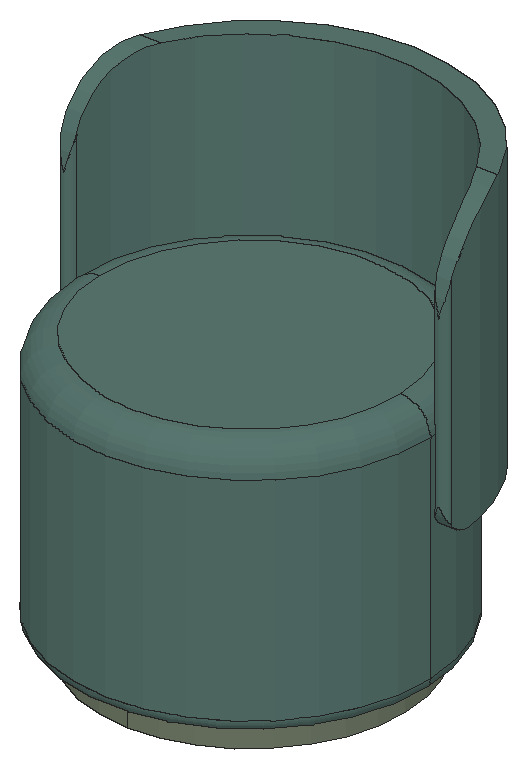
Revit family "FU_Chair_Sandler_Tablet 6-1", category Furniture, Revit 2020
Family settings
  OmniClass Number = 23.21.23.15.17
  Work Plane-Based = Yes
  Always vertical = No
  Cut with Voids When Loaded = No
  Shared = No
  Room Calculation Point = No
Parameters (values of type "TABLET 6.1")
  Youtube clip = ""
  Width = 640.000 mm
  Uniformat II Description = "Movable Furnishings"
  Uniformat II Code = ""
  Uniclass 2015 Name = ""
  Uniclass 2015 Code = ""
  Uniclass 2.0 Description = ""
  Uniclass 2.0 Code = ""
  Uniclass 1.4 Description = ""
  Uniclass 1.4 Code = ""
  UNSPSC Code = ""
  Technical description = ""
  Shell Material [instance] = Fabric - X2 - Ratio AK001
  Region South America = "All"
  Region Oceania = "All"
  Region North America = "All"
  Region Middle East = "All"
  Region Europe = "All"
  Region Asia = "All"
  Region Antarctica = "All"
  Region Africa = "All"
  QR code = "https://www.sandlerseating.com/product/tablet-6-3/"
  Product url = "https://www.sandlerseating.com/product/tablet-6-1/"
  Product name = "TABLET 6.3"
  Product group = "Chair"
  Product family = "Furniture"
  Product data url = "https://www.sandlerseating.com/product/tablet-6-1/"
  Product certification = ""
  Product SKU = "??"
  Product Guid = "??"
  OmniClass Description = ""
  OmniClass Code = "23-21 23 15 17"
  NBS Reference Description = ""
  NBS Reference Code = ""
  Model = "TABLET 6.1"
  Masterformat 2014 Description = "Chair Mats"
  Masterformat 2014 Code = "12 48 43.13"
  Manufacturer name = "Sandler"
  Manufacturer country = "USA"
  Manufacturer = "Sandler"
  Installation instructions = ""
  IFC Classification = "Furnishing Element"
  GTIN code = ""
  Frame [instance] = Wood - Beech - 6003 Green
  Edition number = 1
  Design country = "Brasil"
  Description = "Tablet round side chair, frame in plywood"
  Depth = 640.000 mm
  Default Elevation = 0.000 mm
  Date of publishing = ""
  COBIe Type Category = ""
  Brand url = "https://www.sandlerseating.com/"
  BIMobject main category code = "furniture"
  BIMobject main category = "Furniture"
  BIMobject category code = "furniture-chair"
  BIMobject category = "Chair"
Reference planes
  plane 1 "Center Front/Back": y = 0
  plane 2: z = 0
  plane 3 "Center Left/Right": x = 0
  plane 4: z = 480
  plane 5: z = 45
  plane 6: z = 765
  plane 7: x = -320
  plane 8: x = 320
  plane 9: y = -320
  plane 10: y = 320
  plane 11 "Seat Center": y = -15
Forms (mm)
  Extrusion 1, solid, material "Fabric - X2 - Ratio AK001" <- "Shell Material"
    sketch origin (0, -15, 800) x (-1, 0, 0) y (0, -1, 0)
      loop
        circle (0, 0) r 305
    from -755 to -320
  Extrusion 2, solid, material "Fabric - X2 - Ratio AK001" <- "Shell Material"
    sketch origin (0, -15, 800) x (-1, 0, 0) y (0, -1, 0)
      loop
        arc (330, -15) -> (317.914, -2.33) -> (304.687, -13.803) r 12.685
        arc (304.687, -13.803) -> (0, -305) -> (-304.687, -13.803) r 305
        arc (-304.687, -13.803) -> (-317.914, -2.33) -> (-330, -15) r 12.685
        arc (-330, -15) -> (0, -345) -> (330, -15) r 330
    from -518.696 to -35
  Sweep 3, void
    path in 3D
      loop
        arc (305, -15, 480) -> (0, -320, 480) -> (-305, -15, 480) r 305
        arc (-305, -15, 480) -> (0, 290, 480) -> (305, -15, 480) r 305
    profile origin (0, 290, 480) x (0, 1, 0) y (0, 0, 1)
      loop
        line (0, 0) -> (-50, 0)
        arc (-50, 0) -> (-14.645, -14.645) -> (0, -50) r 50
        line (0, -50) -> (0, 0)
      loop
        line (0, -435) -> (0, -415)
        arc (0, -415) -> (-5.858, -429.142) -> (-20, -435) r 20
        line (-20, -435) -> (0, -435)
  Extrusion 4, void
    sketch origin (0, -15, 0) x (0, -1, 0) y (0, 0, 1)
      loop
        arc (-145, 765) -> (-43.68, 718.514) -> (-2.31, 615) r 150.187
        line (-2.31, 615) -> (-2.31, 765) -> (-145, 765)
    from -335.045 to 337.659
  Extrusion 5, void
    sketch origin (0, -15, 0) x (0, -1, 0) y (0, 0, 1)
      loop
        line (-2.315, 281.304) -> (-2.315, 331.304)
        arc (-2.315, 331.304) -> (-16.96, 295.949) -> (-52.315, 281.304) r 50
        line (-52.315, 281.304) -> (-2.315, 281.304)
    from -345 to 342.572
  Extrusion 6, solid, material "Wood - Beech - 6003 Green" <- "Frame"
    sketch origin (1.9, -15, 800) x (0, 1, 0) y (-1, 0, 0)
      loop
        circle (0, 0) r 262
    from -800 to -755
Cuts and joins
  Sweep 3 cuts Extrusion 1
  Sweep 3, Extrusion 4, Extrusion 5 cuts Extrusion 2
Lines and regions (mm)
  sketch lines
    curve 1: arc (-305, -15, 480) -> (0, 290, 480) -> (305, -15, 480) r 305
    curve 2: arc (305, -15, 480) -> (0, -320, 480) -> (-305, -15, 480) r 305
Dimensions and locks
  equal spacing: plane 7, plane 3 "Center Left/Right", plane 8
  "Width": plane 7 to plane 8
  equal spacing: plane 9, plane 1 "Center Front/Back", plane 10
  "Depth": plane 9 to plane 10
  aligned and locked: level to plane 2
Automatic sketch dimensions
  plane 1 "Center Front/Back" to Extrusion 1 sketch curve = 15.000 mm
  Extrusion 1 sketch curve to plane 3 "Center Left/Right" = 0.000 mm
  plane 1 "Center Front/Back" to Extrusion 2 sketch curve = 15.000 mm
  Extrusion 2 sketch curve to plane 3 "Center Left/Right" = 0.000 mm  (x2)
  Extrusion 2 sketch curve to plane 8 = 2.685 mm
  plane 7 to Extrusion 2 sketch curve = 2.685 mm
  Extrusion 2 sketch curve to plane 1 "Center Front/Back" = 0.000 mm
  Extrusion 2 sketch curve to Extrusion 2 sketch curve = 12.628 mm  (x2)
  plane 8 to Extrusion 2 sketch curve = 10.000 mm
  Extrusion 2 sketch curve to Extrusion 2 sketch curve = 0.000 mm
  Sweep 3 sketch curve to profile plane = 0.000 mm  (x3)
  profile plane to Sweep 3 sketch curve = 20.000 mm
  profile plane to Sweep 3 sketch curve = 50.000 mm
  Sweep 3 sketch curve to Sweep 3 sketch curve = 365.000 mm
  Extrusion 4 sketch curve to plane 6 = 0.000 mm
  Extrusion 4 sketch curve to plane 1 "Center Front/Back" = 137.497 mm
  Extrusion 4 sketch curve to plane 1 "Center Front/Back" = 130.000 mm
  plane 1 "Center Front/Back" to Extrusion 4 sketch curve = 12.690 mm
  Extrusion 5 sketch curve to plane 1 "Center Front/Back" = 37.315 mm
  plane 1 "Center Front/Back" to Extrusion 5 sketch curve = 12.685 mm
  Extrusion 5 sketch curve to plane 4 = 198.696 mm
  plane 3 "Center Left/Right" to Extrusion 6 sketch curve = 1.900 mm
  plane 1 "Center Front/Back" to Extrusion 6 sketch curve = 15.000 mm
  radius of Extrusion 1 sketch curve = 305.000 mm
  radius of Extrusion 6 sketch curve = 262.000 mm
